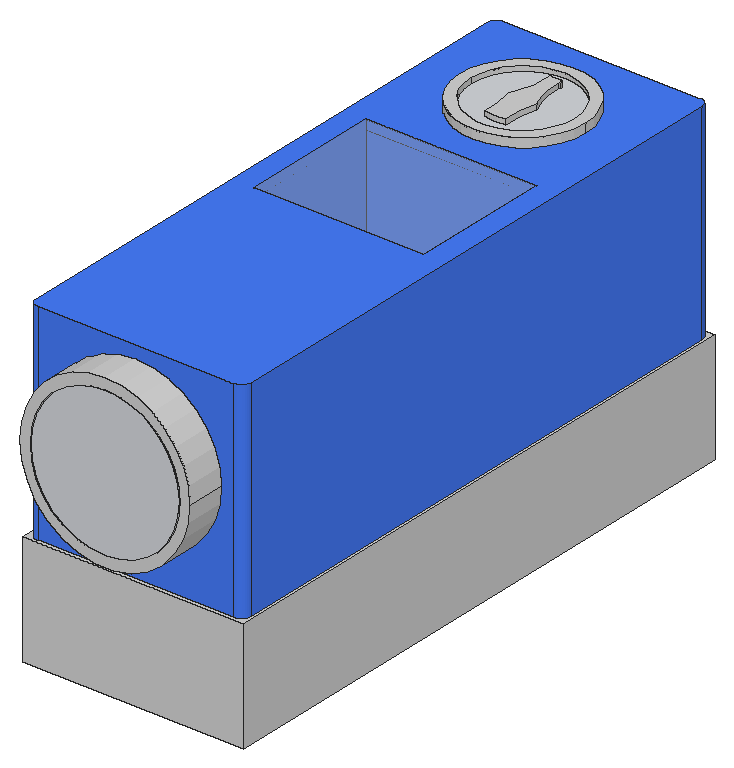
Revit family "Building-ConnessioniIEC309-GEWISS-66IB-PRESE-INTERBLOCCATE-HD_IP66_CON_FONDO_MOD", category Apparecchi elettrici, host Superficie, Revit 2019
Family settings
  Host = Superficie
  Mantenere orientamento annotazione = Sì
  Quota connettore circolare = Usa diametro
  Tipo di parte = Normale
  Taglio con vuoti quando caricato = Sì
  Condiviso = Sì
  Punto di calcolo locali = Sì
Parameters (values of type "GW66996 - PRESA BL.IP66 C.F.3P+T 32A 380V 3H A.M")
  volt = 0 V
  vetro = Default - Vetro
  presa = Grigio RAL - 7035
  n_poli = 1
  giallo = 0 mm
  dist_piano [instance] = 0 mm
  Vista_2d_pianta [instance] = yes
  Versione file RFA = "21.4"
  URL = "https://www.gewiss.com/it/it"
  Tipologia = "Verticale"
  Tipo di impiego = "Impieghi gravosi"
  Termopressione con biglia = "80 °C"
  Tensione nominale = "380-440V"
  Temperatura di utilizzo = "-25 +40 °C"
  Temperatura di funzionamento = "-25 ÷ +40 °C"
  Struttura = Grigio RAL - 7035
  Simbolo presa = PRESAINDSTAGNA : 3P
  Simbolo [instance] = no
  Simb_circuito [instance] = not(Simbolo)  # yes
  Scheda Tecnica = "https://www.gewiss.com/it/it/search?q=GW66996"
  SEO = "Presa"
  Riferimento h = "3"
  Resistenza agli urti a -20Â°C = "20J"
  Resistenza agli urti = "> IK10"
  Protezione = "Predisposta per app. modulari (6M)"
  Default Elevation = 1219.2 mm
  Produttore = "GEWISS S.p.A."
  Numero di poli = "3P+T"
  N. poli = "3P+T"
  Modello = "GW66996"
  Immagine tipo = P.jpg
  IDT = "36f26d0b-1d1d-4264-adab-7a637a1285dc"
  IDF = "5fcef261-7cf5-45a2-9b72-a89de7e58f5d"
  Grado di protezione = "IP66"
  Glow wire test: = "850 °C"
  Glow Wire Test = "850 °C"
  Frequenza nominale (Hz) = "50/60 Hz"
  Frequenza = "50/60 Hz"
  Distanza x [instance] = 500 mm
  Distanza orizzontale simbolo [instance] = 0 mm
  Distanza effettiva x [instance] = 1500 mm - Distanza x  # 1000 mm
  Descrizione = "PRESA BL.IP66 C.F.3P+T 32A 380V 3H A.M"
  Creato da GEWISS S.p.A. = ""
  Corrente nominale (In) = "32"
  Corrente nominale (A) = "32"
  Corpo presa = Light Blue
  Cornice simbolo [instance] = yes
  Con fondo = "Si"
  Colore: = "Rosso"
  Colore = "Rosso"
  Codice Electrocod = "2222"
  Codice EAN = "8011564074576"
  Catalogo Serie = "66 IB"
  Catalogo = "BUILDING"
  COBie.Tagnumber = ""
  COBie.CreatedOn = ""
  COBie.CreatebBy = ""
  COBie.ComponentRegisterItemID = ""
  COBie.Component.TagNumber = ""
  COBie.Component.Space = ""
  COBie.Component.SerialNumber = ""
  COBie.Component.InstallationDate = ""
  COBie.Component.Description = ""
  COBie.Component.BarCode = ""
Types (34, lengths in mm): name | Tensione nominale | Scheda Tecnica | Riferimento h | Numero di poli | N. poli | Modello | IDT | Descrizione | Corrente nominale (In) | Corrente nominale (A) | Colore: | Colore | Codice EAN
  GW66974 - PRESA BL.IP66 C.F.2P+T 16A 110V 4H A.M | "100-130V" | "https://www.gewiss.com/it/it/search?q=GW66974" | "4" | "2P+T" | "2P+T" | "GW66974" | "08b205ea-2e7e-487f-822b-4f188cd9e3b1" | "PRESA BL.IP66 C.F.2P+T 16A 110V 4H A.M" | "16" | "16" | "Giallo" | "Giallo" | "8011564074255"
  GW66975 - PRESA BL.IP66 C.F.3P+T 16A 110V 4H A.M | "100-130V" | "https://www.gewiss.com/it/it/search?q=GW66975" | "4" | "3P+T" | "3P+T" | "GW66975" | "d01ae3a1-a303-4ecb-a038-376fb09d0159" | "PRESA BL.IP66 C.F.3P+T 16A 110V 4H A.M" | "16" | "16" | "Giallo" | "Giallo" | "8011564074286"
  GW66976 - PRESA BL.IP66 C.F.3P+N+T 16A 110V 4H A.M | "100-130V" | "https://www.gewiss.com/it/it/search?q=GW66976" | "4" | "3P+N+T" | "3P+N+T" | "GW66976" | "f3f330ef-9319-4f09-a519-1bd68ccd7a2d" | "PRESA BL.IP66 C.F.3P+N+T 16A 110V 4H A.M" | "16" | "16" | "Giallo" | "Giallo" | "8011564074309"
  GW66977 - PRESA BL.IP66 C.F.2P+T 16A 230V 6H A.M | "200-250V" | "https://www.gewiss.com/it/it/search?q=GW66977" | "6" | "2P+T" | "2P+T" | "GW66977" | "0cb269c0-6ba5-494f-9f28-64f0ff7173ba" | "PRESA BL.IP66 C.F.2P+T 16A 230V 6H A.M" | "16" | "16" | "Blu" | "Blu" | "8011564074323"
  GW66978 - PRESA BL.IP66 C.F.3P+T 16A 230V 9H A.M | "200-250V" | "https://www.gewiss.com/it/it/search?q=GW66978" | "9" | "3P+T" | "3P+T" | "GW66978" | "e833b2b1-5028-4a56-80da-a03921cb1113" | "PRESA BL.IP66 C.F.3P+T 16A 230V 9H A.M" | "16" | "16" | "Blu" | "Blu" | "8011564074347"
  GW66979 - PRESA BL.IP66 C.F.3P+N+T 16A 230V 9H A.M | "200-250V" | "https://www.gewiss.com/it/it/search?q=GW66979" | "9" | "3P+N+T" | "3P+N+T" | "GW66979" | "679b90f0-3e6b-4f2a-a97f-5a3800988bb9" | "PRESA BL.IP66 C.F.3P+N+T 16A 230V 9H A.M" | "16" | "16" | "Blu" | "Blu" | "8011564074361"
  GW66980 - PRESA BL.IP66 C.F.2P+T 16A 400V 9H A.M | "380-415V" | "https://www.gewiss.com/it/it/search?q=GW66980" | "9" | "2P+T" | "2P+T" | "GW66980" | "582f2ed5-a5cd-4735-bce5-f150eb3f9465" | "PRESA BL.IP66 C.F.2P+T 16A 400V 9H A.M" | "16" | "16" | "Rosso" | "Rosso" | "8011564074378"
  GW66981 - PRESA BL.IP66 C.F.3P+T 16A 400V 6H A.M | "380-415V" | "https://www.gewiss.com/it/it/search?q=GW66981" | "6" | "3P+T" | "3P+T" | "GW66981" | "2ea588cc-cbfb-4aac-8a3f-623707701ec5" | "PRESA BL.IP66 C.F.3P+T 16A 400V 6H A.M" | "16" | "16" | "Rosso" | "Rosso" | "8011564074392"
  GW66982 - PRESA BL.IP66 C.F.3P+N+T 16A 400V 6H A.M | "380-415V" | "https://www.gewiss.com/it/it/search?q=GW66982" | "6" | "3P+N+T" | "3P+N+T" | "GW66982" | "192d0f5f-767a-47bf-bda9-9ea6bd9dde45" | "PRESA BL.IP66 C.F.3P+N+T 16A 400V 6H A.M" | "16" | "16" | "Rosso" | "Rosso" | "8011564074415"
  GW66983 - PRESA BL.IP66 C.F.3P+T 16A 500V 7H A.M | "480-500V" | "https://www.gewiss.com/it/it/search?q=GW66983" | "7" | "3P+T" | "3P+T" | "GW66983" | "9a2b648c-12f1-428a-bdf5-76788138ac0d" | "PRESA BL.IP66 C.F.3P+T 16A 500V 7H A.M" | "16" | "16" | "Nero" | "Nero" | "8011564074439"
  GW66984 - PRESA BL.IP66 C.F.3P+N+T 16A 500V 7H A.M | "480-500V" | "https://www.gewiss.com/it/it/search?q=GW66984" | "7" | "3P+N+T" | "3P+N+T" | "GW66984" | "ba485b69-e735-44c4-a210-da673bb78813" | "PRESA BL.IP66 C.F.3P+N+T 16A 500V 7H A.M" | "16" | "16" | "Nero" | "Nero" | "8011564074453"
  GW66985 - PRESA BL.IP66 C.F.2P+T 32A 110V 4H A.M | "100-130V" | "https://www.gewiss.com/it/it/search?q=GW66985" | "4" | "2P+T" | "2P+T" | "GW66985" | "03874a7a-3aff-4dde-bab3-5d288d287e6d" | "PRESA BL.IP66 C.F.2P+T 32A 110V 4H A.M" | "32" | "32" | "Giallo" | "Giallo" | "8011564074460"
  GW66986 - PRESA BL.IP66 C.F.3P+T 32A 110V 4H A.M | "100-130V" | "https://www.gewiss.com/it/it/search?q=GW66986" | "4" | "3P+T" | "3P+T" | "GW66986" | "185d7795-b09c-4809-80d1-09ad44e3a7e3" | "PRESA BL.IP66 C.F.3P+T 32A 110V 4H A.M" | "32" | "32" | "Giallo" | "Giallo" | "8011564074477"
  GW66987 - PRESA BL.IP66 C.F.3P+N+T 32A 110V 4H A.M | "100-130V" | "https://www.gewiss.com/it/it/search?q=GW66987" | "4" | "3P+N+T" | "3P+N+T" | "GW66987" | "cf6b0cdc-9887-481b-94a6-c70383e61d77" | "PRESA BL.IP66 C.F.3P+N+T 32A 110V 4H A.M" | "32" | "32" | "Giallo" | "Giallo" | "8011564074484"
  GW66988 - PRESA BL.IP66 C.F.2P+T 32A 230V 6H A.M | "200-250V" | "https://www.gewiss.com/it/it/search?q=GW66988" | "6" | "2P+T" | "2P+T" | "GW66988" | "266de435-658e-4453-87f9-5740f768d2bb" | "PRESA BL.IP66 C.F.2P+T 32A 230V 6H A.M" | "32" | "32" | "Blu" | "Blu" | "8011564074491"
  GW66989 - PRESA BL.IP66 C.F.3P+T 32A 230V 9H A.M | "200-250V" | "https://www.gewiss.com/it/it/search?q=GW66989" | "9" | "3P+T" | "3P+T" | "GW66989" | "99b8ad80-d3be-4ff0-961d-42c51e5615d2" | "PRESA BL.IP66 C.F.3P+T 32A 230V 9H A.M" | "32" | "32" | "Blu" | "Blu" | "8011564074507"
  GW66990 - PRESA BL.IP66 C.F.3P+N+T 32A 230V 9H A.M | "200-250V" | "https://www.gewiss.com/it/it/search?q=GW66990" | "9" | "3P+N+T" | "3P+N+T" | "GW66990" | "78f294ba-a3a3-40a8-8935-13e2f8d12972" | "PRESA BL.IP66 C.F.3P+N+T 32A 230V 9H A.M" | "32" | "32" | "Blu" | "Blu" | "8011564074514"
  GW66991 - PRESA BL.IP66 C.F.2P+T 32A 400V 9H A.M | "380-415V" | "https://www.gewiss.com/it/it/search?q=GW66991" | "9" | "2P+T" | "2P+T" | "GW66991" | "a62a99a2-2ddc-4c3f-ace8-0eb3d0f628a4" | "PRESA BL.IP66 C.F.2P+T 32A 400V 9H A.M" | "32" | "32" | "Rosso" | "Rosso" | "8011564074521"
  GW66992 - PRESA BL.IP66 C.F.3P+T 32A 400V 6H A.M | "380-415V" | "https://www.gewiss.com/it/it/search?q=GW66992" | "6" | "3P+T" | "3P+T" | "GW66992" | "47b25866-07b7-4c2c-9ac0-23b2f5bd138f" | "PRESA BL.IP66 C.F.3P+T 32A 400V 6H A.M" | "32" | "32" | "Rosso" | "Rosso" | "8011564074538"
  GW66993 - PRESA BL.IP66 C.F.3P+N+T 32A 400V 6H A.M | "380-415V" | "https://www.gewiss.com/it/it/search?q=GW66993" | "6" | "3P+N+T" | "3P+N+T" | "GW66993" | "a697eaae-6394-427c-bb41-59308f388dae" | "PRESA BL.IP66 C.F.3P+N+T 32A 400V 6H A.M" | "32" | "32" | "Rosso" | "Rosso" | "8011564074545"
  GW66994 - PRESA BL.IP66 C.F.3P+T 32A 500V 7H A.M | "480-500V" | "https://www.gewiss.com/it/it/search?q=GW66994" | "7" | "3P+T" | "3P+T" | "GW66994" | "09554a74-fb5b-416f-883d-9be281655686" | "PRESA BL.IP66 C.F.3P+T 32A 500V 7H A.M" | "32" | "32" | "Nero" | "Nero" | "8011564074552"
  GW66995 - PRESA BL.IP66 C.F.3P+N+T 32A 500V 7H A.M | "480-500V" | "https://www.gewiss.com/it/it/search?q=GW66995" | "7" | "3P+N+T" | "3P+N+T" | "GW66995" | "92f55f58-4e31-46eb-8480-01bcdf3f80de" | "PRESA BL.IP66 C.F.3P+N+T 32A 500V 7H A.M" | "32" | "32" | "Nero" | "Nero" | "8011564074569"
  GW66996 - PRESA BL.IP66 C.F.3P+T 32A 380V 3H A.M | "380-440V" | "https://www.gewiss.com/it/it/search?q=GW66996" | "3" | "3P+T" | "3P+T" | "GW66996" | "36f26d0b-1d1d-4264-adab-7a637a1285dc" | "PRESA BL.IP66 C.F.3P+T 32A 380V 3H A.M" | "32" | "32" | "Rosso" | "Rosso" | "8011564074576"
  GW66866 - PRESA BL.IP66 C.F.2P+T 63A 110V 4H A.M | "100-130V" | "https://www.gewiss.com/it/it/search?q=GW66866" | "4" | "2P+T" | "2P+T" | "GW66866" | "303355d0-cf38-47a3-a1ae-8a44fb8bf22f" | "PRESA BL.IP66 C.F.2P+T 63A 110V 4H A.M" | "63" | "63" | "Giallo" | "Giallo" | "8011564067479"
  GW66867 - PRESA BL.IP66 C.F.3P+T 63A 110V 4H A.M | "100-130V" | "https://www.gewiss.com/it/it/search?q=GW66867" | "4" | "3P+T" | "3P+T" | "GW66867" | "b7ccdc4d-8d7e-41dd-b714-8d70a4305df5" | "PRESA BL.IP66 C.F.3P+T 63A 110V 4H A.M" | "63" | "63" | "Giallo" | "Giallo" | "8011564067486"
  GW66868 - PRESA BL.IP66 C.F.3P+N+T 63A 110V 4H A.M | "100-130V" | "https://www.gewiss.com/it/it/search?q=GW66868" | "4" | "3P+N+T" | "3P+N+T" | "GW66868" | "05f092d1-ab11-4f9d-be56-0147e050398c" | "PRESA BL.IP66 C.F.3P+N+T 63A 110V 4H A.M" | "63" | "63" | "Giallo" | "Giallo" | "8011564067493"
  GW66869 - PRESA BL.IP66 C.F.2P+T 63A 230V 6H A.M | "200-250V" | "https://www.gewiss.com/it/it/search?q=GW66869" | "6" | "2P+T" | "2P+T" | "GW66869" | "c554d55b-f100-44f4-bb13-7d9d56e4eded" | "PRESA BL.IP66 C.F.2P+T 63A 230V 6H A.M" | "63" | "63" | "Blu" | "Blu" | "8011564067509"
  GW66870 - PRESA BL.IP66 C.F.3P+T 63A 230V 9H A.M | "200-250V" | "https://www.gewiss.com/it/it/search?q=GW66870" | "9" | "3P+T" | "3P+T" | "GW66870" | "52b39002-d841-4e22-8601-8b9fef486832" | "PRESA BL.IP66 C.F.3P+T 63A 230V 9H A.M" | "63" | "63" | "Blu" | "Blu" | "8011564067516"
  GW66871 - PRESA BL.IP66 C.F.3P+N+T 63A 230V 9H A.M | "200-250V" | "https://www.gewiss.com/it/it/search?q=GW66871" | "9" | "3P+N+T" | "3P+N+T" | "GW66871" | "5512ebd7-399b-4556-9ac3-65fac533f648" | "PRESA BL.IP66 C.F.3P+N+T 63A 230V 9H A.M" | "63" | "63" | "Blu" | "Blu" | "8011564067523"
  GW66872 - PRESA BL.IP66 C.F.2P+T 63A 400V 6H A.M | "380-415V" | "https://www.gewiss.com/it/it/search?q=GW66872" | "9" | "2P+T" | "2P+T" | "GW66872" | "b55304b8-86f4-4085-8eaa-ce4be1e750a2" | "PRESA BL.IP66 C.F.2P+T 63A 400V 6H A.M" | "63" | "63" | "Rosso" | "Rosso" | "8011564067530"
  GW66873 - PRESA BL.IP66 C.F.3P+T 63A 400V 6H A.M | "380-415V" | "https://www.gewiss.com/it/it/search?q=GW66873" | "6" | "3P+T" | "3P+T" | "GW66873" | "03adb62b-1649-4be8-83db-d9f9696d3895" | "PRESA BL.IP66 C.F.3P+T 63A 400V 6H A.M" | "63" | "63" | "Rosso" | "Rosso" | "8011564067554"
  GW66874 - PRESA BL.IP66 C.F.3P+N+T 63A 400V 6H A.M | "380-415V" | "https://www.gewiss.com/it/it/search?q=GW66874" | "6" | "3P+N+T" | "3P+N+T" | "GW66874" | "456db83d-6b3d-4b8c-a591-cf1e2d86a527" | "PRESA BL.IP66 C.F.3P+N+T 63A 400V 6H A.M" | "63" | "63" | "Rosso" | "Rosso" | "8011564067578"
  GW66875 - PRESA BL.IP66 C.F.3P+T 63A 500V 7H A.M | "480-500V" | "https://www.gewiss.com/it/it/search?q=GW66875" | "7" | "3P+T" | "3P+T" | "GW66875" | "084f0b06-bde3-4021-9015-ef18884325c6" | "PRESA BL.IP66 C.F.3P+T 63A 500V 7H A.M" | "63" | "63" | "Nero" | "Nero" | "8011564067592"
  GW66876 - PRESA BL.IP66 C.F.3P+N+T 63A 500V 7H A.M | "480-500V" | "https://www.gewiss.com/it/it/search?q=GW66876" | "7" | "3P+N+T" | "3P+N+T" | "GW66876" | "9d8ce14a-7fb8-450f-bb9e-744a01970745" | "PRESA BL.IP66 C.F.3P+N+T 63A 500V 7H A.M" | "63" | "63" | "Nero" | "Nero" | "8011564067608"
Reference planes
  plane 1 "Centro (Fronte/Retro)": y = 0
  plane 2: z = 0
  plane 3 "Centro (Sinistra/Destra)": x = 0
  plane 4: z = -2
  plane 5: x = -500
  plane 6: x = -1500
  plane 7: x = -500
  plane 8: through (-170.762, -4572, -38.353) normal (-0.6157, 0, 0.788)
  plane 9: x = -51.152
  plane 10: x = 53.222
  plane 11: z = -2
  plane 12: x = -74
  plane 13: x = 74
  plane 14: y = 392
  plane 15: y = -2
Forms (mm)
  Extrusion 1, solid, material "Grigio RAL - 7035" <- "Struttura"
    sketch origin (0, 0, 0) x (1, 0, 0) y (0, 1, 0)
      loop
        line (-74, 392) -> (-74, -2) -> (74, -2) -> (74, 392) -> (-74, 392)
    from -2 to 73
Lines and regions (mm)
  Masking region 1, visible <- "Vista_2d_pianta"
    outline origin (0, 0, 0) x (1, 0, 0) y (0, 0, 1)
  Masking region 2, visible <- "Vista_2d_pianta"
    outline origin (0, 0, 0) x (1, 0, 0) y (0, 0, 1)
      loop
        line (-74, 0) -> (74, 0) -> (74, 219) -> (-74, 219) -> (-74, 0)
Dimensions and locks
  locked: plane 2 to plane 4 at 2
  "Distanza effettiva x": plane 5 to plane 6
  plane 3 "Centro (Sinistra/Destra)" to plane 6 = 1500 mm
  plane 6 to plane 5 = 1000 mm
  "Distanza effettiva x": plane 6 to plane 7
  locked: plane 15 to plane 1 "Centro (Fronte/Retro)" at 2
  locked: plane 12 to nested 1 at 2
  locked: nested 1 to plane 13 at 2
  locked: plane 14 to nested 1 at 2
  locked: Extrusion 1 to plane 11 at 75
  "dist_piano": plane 11 to plane 4
  angle plane 8 to plane 4 = 142.00°
  angle plane 7 to plane 8 = 128.00°
  aligned and locked: plane 2 to host face
  aligned and locked: level to host face
  aligned and locked: plane 3 "Centro (Sinistra/Destra)" to nested 1
  aligned and locked: plane 7 to nested 2
  aligned and locked: plane 7 to nested 3
  aligned and locked: Extrusion 1 sketch curve to plane 12
  aligned and locked: Extrusion 1 sketch curve to plane 14
  aligned and locked: Extrusion 1 sketch curve to plane 13
  aligned and locked: Extrusion 1 sketch curve to plane 15
  aligned and locked: Extrusion 1 to nested 1
  aligned and locked: Extrusion 1 to plane 11
  aligned and locked: Masking region 2 to plane 12
  aligned and locked: plane 13 to Masking region 2
  aligned and locked: Masking region 2 to level
  aligned and locked: Masking region 2 to nested 1
Automatic sketch dimensions
  host sketch curve to host sketch curve = 2438.4 mm  (x2)
  Masking region 2 sketch curve to plane 10 = 20.778 mm
  plane 9 to Masking region 2 sketch curve = 22.848 mm
  level to Masking region 2 sketch curve = 0 mm
  Masking region 2 sketch curve to Masking region 2 sketch curve = 219 mm
Nested families
  nested 1: "GW66866_master" at (0, 0, -2), type "GW66866_master", detail levels medium+fine
  nested 2: "simbolo_circuito" at (-500, 30.442, 0), Distanza dal muro <- "Distanza orizzontale simbolo", SIMBOLO ACCESO <- "Simb_circuito", type "3P"
    with SIMBOLO ACCESO yes, Distanza dal muro 0 mm, BORDO ACCESO yes
  nested 3: "PRESAINDSTAGNA" at (-500, 23.722, 0), Distanza dal muro <- "Distanza orizzontale simbolo", SIMBOLO ACCESO <- "Simbolo", type "3P"
    with SIMBOLO ACCESO no, Distanza dal muro 0 mm, BORDO ACCESO yes
Connectors
  electrical at (0, -26, 147.929), driven by "n_poli", driven by "volt"
    settings: on nested 1, index 1, voltage 0 V, apparent load 0 VA, apparent load phase1 0 VA, apparent load phase2 0 VA, apparent load phase3 0 VA, power factor 1, load classification "Altro", number of poles 1, system type 31, power factor state 1, is connector primary yes, connector utility no, sub classification motor no, connector description ""
Definition of nested family "GW66866_master"
  Parameters (values of type "GW66866_master")
    w = 144 mm
    d_piano = 75 mm
    corpo presa = none
    Vetro = none
    Struttura = none
    Spessore = 30 mm
    Raggio = 40 mm
    Default Elevation = 14 mm
    Presa = none
    Lunghezza = 103 mm
    IFC.TypeObject = ""
    IFC.ExportType = ""
    IFC.ExportAs = ""
    H_da terra = 586.883 mm
    COBie.CreatedOn = ""
    COBie.CreatebBy = ""
    COBie.ComponentRegisterItemID = ""
    COBie.Component.TagNumber = ""
    COBie.Component.Space = ""
    COBie.Component.SerialNumber = ""
    COBie.Component.InstallationDate = ""
    COBie.Component.Description = ""
    COBie.Component.BarCode = ""
    Altezza = 390 mm
  Reference planes
    plane 1 "Centro (Fronte/Retro)": y = 0
    plane 2: z = 0
    plane 3 "Centro (Sinistra/Destra)": x = 0
    plane 4 "presa": z = 231
    plane 5: z = 221
    plane 6: z = 215
    plane 7: x = -72
    plane 8: x = 72
    plane 9: y = 390
    plane 10: y = 0
    plane 11: y = 324
    plane 12: z = 218
    plane 13: y = 217
    plane 14: x = -57
    plane 15: x = 57
    plane 16: y = 264
    plane 17: y = 170
    plane 18: z = 84.858
    plane 19: z = 208.562
    plane 20: z = 75
    plane 21: z = 149.929
    plane 22 "presa fronte": y = -26
  Forms (mm)
    Extrusion 1, solid, material <- "Struttura"
      sketch origin (0, -427.104, -30) x (1, 0, 0) y (0, 1, 0)
        loop
          circle (0, 751.104) r 34.75
        loop
          circle (0, 751.104) r 42.079
      from 245 to 251
    Extrusion 2, solid, material <- "Struttura"
      sketch origin (0, -427.104, -30) x (1, 0, 0) y (0, 1, 0)
        loop
          arc (-9.552, 750.899) -> (-7.429, 739.645) -> (-7.314, 728.193) r 64.983
          arc (-7.314, 728.193) -> (-0.131, 727.067) -> (7.064, 728.115) r 24.316
          arc (7.064, 728.115) -> (7.302, 739.566) -> (9.547, 750.796) r 64.983
          arc (9.547, 750.796) -> (5.519, 762.425) -> (4.215, 774.661) r 54.251
          line (4.215, 774.661) -> (4.25, 777.658)
          arc (4.25, 777.658) -> (3.985, 778.329) -> (3.336, 778.647) r 1
          arc (3.336, 778.647) -> (0.147, 778.794) -> (-3.043, 778.682) r 39.364
          arc (-3.043, 778.682) -> (-3.695, 778.371) -> (-3.967, 777.702) r 1
          line (-3.967, 777.702) -> (-3.964, 774.706)
          arc (-3.964, 774.706) -> (-5.4, 762.483) -> (-9.552, 750.899) r 54.251
      from 245 to 251
    Extrusion 3, solid, material <- "corpo presa"
      sketch origin (-2.5, -699.604, -30) x (1, 0, 0) y (0, 1, 0)
        loop
          arc (74.5, 1083.298) -> (72.653, 1087.757) -> (68.194, 1089.604) r 6.306
          line (68.194, 1089.604) -> (-63.194, 1089.604)
          arc (-63.194, 1089.604) -> (-67.653, 1087.757) -> (-69.5, 1083.298) r 6.306
          line (-69.5, 1083.298) -> (-69.5, 706.118)
          arc (-69.5, 706.118) -> (-67.592, 701.512) -> (-62.985, 699.604) r 6.515
          line (-62.985, 699.604) -> (67.985, 699.604)
          arc (67.985, 699.604) -> (72.592, 701.512) -> (74.5, 706.118) r 6.515
          line (74.5, 706.118) -> (74.5, 1083.298)
      from 105 to 245
    Extrusion 4, solid
      sketch origin (0, 0, 231) x (0, -1, 0) y (1, 0, 0)
        loop
          circle (-324, 0) r 34.75
      from -16 to -13
    Extrusion 5, void
      sketch origin (0, 0, 231) x (0, -1, 0) y (1, 0, 0)
        loop
          line (-170, -57) -> (-170, 57) -> (-264, 57) -> (-264, -57) -> (-170, -57)
      from -146.142 to -16
    Extrusion 6, solid, material <- "Vetro"
      sketch origin (0, 0, 231) x (0, -1, 0) y (1, 0, 0)
        loop
          line (-170, -57) -> (-170, 57) -> (-264, 57) -> (-264, -57) -> (-170, -57)
      from -22.438 to -16
    Extrusion 7, solid, material <- "Presa"
      sketch origin (0, 0, 0) x (1, 0, 0) y (0, 0, 1)
        loop
          circle (0, 149.929) r 57
        loop
          circle (0, 149.929) r 50
      from 0 to 26
    Extrusion 8, solid
      sketch origin (0, 0, 0) x (1, 0, 0) y (0, 0, 1)
        loop
          circle (0, 149.929) r 50
      from 0 to 26
  Cuts and joins
    Extrusion 5 cuts Extrusion 3
  Lines and regions (mm)
    symbolic lines
      curve 1: line (0, -26, 199.929) -> (0, -26, 99.929)
      curve 2: line (50, -26, 149.929) -> (-50, -26, 149.929)
  Dimensions and locks
    locked: plane 5 to plane 4 "presa" at 10
    locked: plane 6 to plane 5 at 6
    equal spacing: plane 7, plane 3 "Centro (Sinistra/Destra)", plane 8
    "w": plane 7 to plane 8
    "Altezza": plane 1 "Centro (Fronte/Retro)" to plane 9
    locked: plane 9 to plane 11 at 66
    locked: plane 12 to plane 6 at 3
    locked: plane 9 to plane 13 at 173
    equal spacing: plane 14, plane 3 "Centro (Sinistra/Destra)", plane 15
    plane 14 to plane 15 = 114 mm
    equal spacing: plane 16, plane 13, plane 17
    locked: plane 16 to plane 17 at 94
    locked: plane 6 to plane 19 at 6.438
    plane 6 to plane 20 = 140 mm
    "d_piano": plane 20 to level
    locked: plane 18 to plane 20 at 9.858
    locked: plane 22 "presa fronte" to plane 10 at 26
    diameter of Extrusion 1 sketch curve = 69.5 mm
    radius of Extrusion 4 sketch curve = 34.75 mm
    aligned and locked: level to plane 2
    aligned and locked: Extrusion 1 to Extrusion 3
    aligned and locked: Extrusion 2 to Extrusion 1
    aligned and locked: Extrusion 1 to Extrusion 2
    aligned and locked: Extrusion 3 to plane 6
    aligned and locked: Extrusion 1 to plane 5
    aligned and locked: Extrusion 3 sketch curve to plane 7
    aligned and locked: Extrusion 3 sketch curve to plane 8
    aligned and locked: Extrusion 3 sketch curve to plane 9
    aligned and locked: plane 10 to Extrusion 3 sketch curve
    aligned and locked: plane 10 to plane 1 "Centro (Fronte/Retro)"
    aligned and locked: plane 11 to Extrusion 1 sketch curve
    aligned and locked: plane 3 "Centro (Sinistra/Destra)" to Extrusion 1 sketch curve
    aligned and locked: plane 3 "Centro (Sinistra/Destra)" to Extrusion 4 sketch curve
    aligned and locked: plane 11 to Extrusion 4 sketch curve
    aligned and locked: plane 6 to Extrusion 4
    aligned and locked: plane 12 to Extrusion 4
    aligned and locked: Extrusion 5 sketch curve to plane 14
    aligned and locked: Extrusion 5 sketch curve to plane 17
    aligned and locked: Extrusion 5 sketch curve to plane 15
    aligned and locked: Extrusion 5 sketch curve to plane 16
    aligned and locked: Extrusion 5 to plane 18
    aligned and locked: Extrusion 5 to plane 6
    aligned and locked: Extrusion 6 sketch curve to plane 14
    aligned and locked: Extrusion 6 sketch curve to plane 17
    aligned and locked: Extrusion 6 sketch curve to plane 16
    aligned and locked: Extrusion 6 sketch curve to plane 15
    aligned and locked: Extrusion 6 to plane 19
    aligned and locked: Extrusion 6 to plane 6
    aligned and locked: plane 20 to cut or joined group of Extrusion 3, Extrusion 5
    aligned and locked: plane 3 "Centro (Sinistra/Destra)" to Extrusion 7 sketch curve
    aligned and locked: plane 21 to Extrusion 7 sketch curve
    aligned and locked: Extrusion 7 to plane 22 "presa fronte"
    aligned and locked: plane 3 "Centro (Sinistra/Destra)" to Extrusion 8 sketch curve
    aligned and locked: plane 21 to Extrusion 8 sketch curve
    aligned and locked: Extrusion 8 to plane 1 "Centro (Fronte/Retro)"
    aligned and locked: Extrusion 8 to plane 22 "presa fronte"
    aligned and locked: plane 3 "Centro (Sinistra/Destra)" to curve 1
    aligned and locked: curve 2 to plane 21
  Automatic sketch dimensions
    Extrusion 2 sketch curve to plane 3 "Centro (Sinistra/Destra)" = 0 mm
    Extrusion 2 sketch curve to plane 3 "Centro (Sinistra/Destra)" = 0.064 mm
    Extrusion 2 sketch curve to plane 3 "Centro (Sinistra/Destra)" = 2.967 mm
    Extrusion 2 sketch curve to Extrusion 2 sketch curve = 0.997 mm
    Extrusion 2 sketch curve to Extrusion 2 sketch curve = 1 mm  (x2)
    Extrusion 2 sketch curve to Extrusion 2 sketch curve = 54.251 mm
    Extrusion 2 sketch curve to Extrusion 2 sketch curve = 13.883 mm
    plane 3 "Centro (Sinistra/Destra)" to Extrusion 2 sketch curve = 3.25 mm
    Extrusion 2 sketch curve to Extrusion 2 sketch curve = 0.965 mm
    Extrusion 2 sketch curve to Extrusion 2 sketch curve = 54.25 mm
    Extrusion 2 sketch curve to Extrusion 2 sketch curve = 13.435 mm
    Extrusion 2 sketch curve to plane 1 "Centro (Fronte/Retro)" = 305.393 mm
    Extrusion 2 sketch curve to plane 1 "Centro (Fronte/Retro)" = 306.167 mm
    Extrusion 2 sketch curve to plane 1 "Centro (Fronte/Retro)" = 312.327 mm
    Extrusion 2 sketch curve to Extrusion 2 sketch curve = 11.953 mm
    Extrusion 2 sketch curve to Extrusion 2 sketch curve = 41.757 mm
    Extrusion 2 sketch curve to Extrusion 2 sketch curve = 23.278 mm
    Extrusion 2 sketch curve to Extrusion 2 sketch curve = 0.044 mm
    Extrusion 2 sketch curve to Extrusion 2 sketch curve = 41.61 mm
    Extrusion 2 sketch curve to Extrusion 2 sketch curve = 2.99 mm
    Extrusion 2 sketch curve to Extrusion 2 sketch curve = 0.007 mm
    Extrusion 2 sketch curve to Extrusion 2 sketch curve = 2.979 mm
    Extrusion 2 sketch curve to Extrusion 2 sketch curve = 0.018 mm
    Extrusion 2 sketch curve to Extrusion 2 sketch curve = 0 mm
    Extrusion 2 sketch curve to plane 3 "Centro (Sinistra/Destra)" = 7.314 mm
    Extrusion 2 sketch curve to Extrusion 2 sketch curve = 9.552 mm
    plane 3 "Centro (Sinistra/Destra)" to Extrusion 2 sketch curve = 7.064 mm
    Extrusion 3 sketch curve to Extrusion 3 sketch curve = 6.306 mm  (x2)
    Extrusion 3 sketch curve to Extrusion 3 sketch curve = 6.515 mm  (x2)
    Extrusion 1 sketch curve to Extrusion 1 sketch curve = 0 mm  (x2)
    Extrusion 7 sketch curve to Extrusion 7 sketch curve = 0 mm  (x2)
    plane 18 to curve 1 = 15.071 mm
    curve 1 to plane 19 = 8.633 mm
    curve 2 to plane 14 = 7 mm
    plane 15 to curve 2 = 7 mm
    radius of Extrusion 1 sketch curve = 42.079 mm
    radius of Extrusion 7 sketch curve = 57 mm
    radius of Extrusion 7 sketch curve = 50 mm
    radius of Extrusion 8 sketch curve = 50 mm
Definition of nested family "simbolo_circuito"
  Parameters (values of type "3P")
    SIMBOLO ACCESO [instance] = yes
    SIMBOLO = PRESAINDSTAGNA_BASE : 3P
    Distanza dal muro [instance] = 0 mm
    BORDO ACCESO [instance] = yes
  Reference planes
    plane 1: y = 0
    plane 2: x = 0
  Dimensions and locks
    "Distanza dal muro": plane 1 to nested 1
    aligned and locked: plane 2 to nested 1
  Nested families
    nested 1: "simb_base_di circuito" at (0, 0, 0), visible <- "SIMBOLO ACCESO", type "3P"
      with CORNICE SIMBOLO yes
  Definition of nested family "simb_base_di circuito"
    Parameters (values of type "3P")
      CORNICE SIMBOLO [instance] = yes
      3P = yes
    Types (2, lengths in mm): name | 3P
      3P | yes
      2P | no
    Reference planes
      plane 1: y = 0
      plane 2: x = 0
    Lines and regions (mm)
      detail lines, not visible
        curve 1: line (-2.443, 10.208, 0) -> (2.057, 10.208, 0)
        curve 2: line (2.057, 10.208, 0) -> (2.057, 4.208, 0)
        curve 3: line (2.057, 4.208, 0) -> (-2.443, 4.208, 0)
        curve 4: line (-2.443, 4.208, 0) -> (-2.443, 10.208, 0)
        curve 5: line (-2.043, 9.808, 0) -> (1.657, 9.808, 0)
        curve 6: line (1.657, 9.808, 0) -> (1.657, 4.608, 0)
        curve 7: line (1.657, 4.608, 0) -> (-2.043, 4.608, 0)
        curve 8: line (-2.043, 4.608, 0) -> (-2.043, 9.808, 0)
    Dimensions and locks
      aligned and locked: import instance to plane 2
      aligned and locked: plane 1 to import instance
Definition of nested family "PRESAINDSTAGNA"
  Parameters (values of type "3P")
    SIMBOLO ACCESO [instance] = yes
    SIMBOLO = PRESAINDSTAGNA_BASE : 3P
    Distanza dal muro [instance] = 0 mm
    BORDO ACCESO [instance] = yes
  Types (2): name
    2P
    3P
  Reference planes
    plane 1: y = 0
    plane 2: x = 0
  Dimensions and locks
    "Distanza dal muro": plane 1 to nested 1
    aligned and locked: plane 2 to nested 1
  Nested families
    nested 1: "PRESAINDSTAGNA_BASE" at (0, 0, 0), type <- "SIMBOLO", CORNICE SIMBOLO <- "BORDO ACCESO", visible <- "SIMBOLO ACCESO", type "3P"
  Definition of nested family "PRESAINDSTAGNA_BASE"
    Parameters (values of type "3P")
      CORNICE SIMBOLO [instance] = yes
      3P = yes
    Types (2, lengths in mm): name | 3P
      3P | yes
      2P | no
    Reference planes
      plane 1: y = 0
      plane 2: x = 0
    Lines and regions (mm)
      detail lines, not visible
        curve 1: line (-2.443, 10.208, 0) -> (2.057, 10.208, 0)
        curve 2: line (2.057, 10.208, 0) -> (2.057, 4.208, 0)
        curve 3: line (2.057, 4.208, 0) -> (-2.443, 4.208, 0)
        curve 4: line (-2.443, 4.208, 0) -> (-2.443, 10.208, 0)
        curve 5: line (-2.043, 9.808, 0) -> (1.657, 9.808, 0)
        curve 6: line (1.657, 9.808, 0) -> (1.657, 4.608, 0)
        curve 7: line (1.657, 4.608, 0) -> (-2.043, 4.608, 0)
        curve 8: line (-2.043, 4.608, 0) -> (-2.043, 9.808, 0)
      detail lines
        curve 9: line (-0.333, 0.928, 0) -> (-0.05, 0.928, 0)
        curve 10: line (-0.05, 0.928, 0) -> (0.417, 1.737, 0)
        curve 11: line (0.417, 1.737, 0) -> (0.764, 1.537, 0)
        curve 12: line (-0.05, 0.928, 0) -> (-0.333, 0.437, 0)
        curve 13: line (-0.333, 0.437, 0) -> (-0.333, 2.059, 0)
        curve 14: line (0.222, 1.399, 0) -> (0.569, 1.199, 0)
        curve 15: line (-0.723, 0.437, 0) -> (0.057, 0.437, 0)
        curve 16: line (-0.333, 0.81, 0) -> (-0.216, 0.928, 0)
        curve 17: line (-0.333, 0.741, 0) -> (-0.147, 0.928, 0)
        curve 18: line (-0.333, 0.672, 0) -> (-0.078, 0.928, 0)
        curve 19: line (-0.333, 0.603, 0) -> (-0.106, 0.831, 0)
        curve 20: line (-0.333, 0.534, 0) -> (-0.2, 0.668, 0)
        curve 22: arc (-0.723, 0.047, 0) -> (-0.333, 0.437, 0) -> (0.057, 0.047, 0) r 0.39
        curve 23: line (-0.8, 2.1, 0) -> (0.8, 2.1, 0)
        curve 24: line (-0.8, 0, 0) -> (-0.8, 2.1, 0)
        curve 25: line (0.8, 0, 0) -> (-0.8, 0, 0)
        curve 26: line (0.8, 2.1, 0) -> (0.8, 0, 0)
      detail lines, visible <- "3P"
        curve 21: line (0.028, 1.061, 0) -> (0.374, 0.861, 0)
